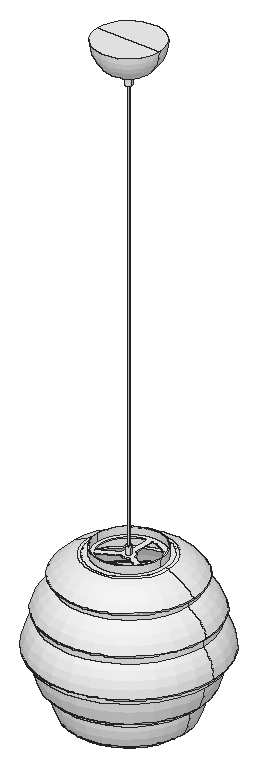
Revit family "Artek_Lighting_Pendant Light A331 “Beehive“_A331 Beehive_quick_ship", category Lighting Fixtures, Revit 2018 (continued)
Definition of nested family "A331"
  Lines and regions (mm)
    symbolic lines, detail levels fine
      curve 740: spline (0, -78.224, 109.043) -> (0, -77.899, 109.247) -> (0, -77.596, 109.845) -> (0, -77.336, 110.797) -> (0, -77.137, 112.038) -> (0, -77.011, 113.482) -> (0, -76.968, 115.033) -> (0, -77.011, 116.583) -> (0, -77.137, 118.028) -> (0, -77.336, 119.268) -> (0, -77.596, 120.22) -> (0, -77.899, 120.819) -> (0, -78.224, 121.023) -> (0, -78.549, 120.819) -> (0, -78.852, 120.22) -> (0, -79.112, 119.268) -> (0, -79.312, 118.028) -> (0, -79.437, 116.583) -> (0, -79.48, 115.033) -> (0, -79.437, 113.482) -> (0, -79.312, 112.038) -> (0, -79.112, 110.797) -> (0, -78.852, 109.845) -> (0, -78.549, 109.247) -> (0, -78.224, 109.043)
      curve 741: spline (0, -82.236, 109.043) -> (0, -81.911, 109.247) -> (0, -81.608, 109.845) -> (0, -81.348, 110.797) -> (0, -81.148, 112.038) -> (0, -81.023, 113.482) -> (0, -80.98, 115.033) -> (0, -81.023, 116.583) -> (0, -81.148, 118.028) -> (0, -81.348, 119.268) -> (0, -81.608, 120.22) -> (0, -81.911, 120.819) -> (0, -82.236, 121.023) -> (0, -82.561, 120.819) -> (0, -82.863, 120.22) -> (0, -83.123, 119.268) -> (0, -83.323, 118.028) -> (0, -83.448, 116.583) -> (0, -83.491, 115.033) -> (0, -83.448, 113.482) -> (0, -83.323, 112.038) -> (0, -83.123, 110.797) -> (0, -82.863, 109.845) -> (0, -82.561, 109.247) -> (0, -82.236, 109.043)
      curve 742: spline (0, -86.247, 109.043) -> (0, -85.922, 109.247) -> (0, -85.619, 109.845) -> (0, -85.359, 110.797) -> (0, -85.16, 112.038) -> (0, -85.034, 113.482) -> (0, -84.991, 115.033) -> (0, -85.034, 116.583) -> (0, -85.16, 118.028) -> (0, -85.359, 119.268) -> (0, -85.619, 120.22) -> (0, -85.922, 120.819) -> (0, -86.247, 121.023) -> (0, -86.572, 120.819) -> (0, -86.875, 120.22) -> (0, -87.135, 119.268) -> (0, -87.335, 118.028) -> (0, -87.46, 116.583) -> (0, -87.503, 115.033) -> (0, -87.46, 113.482) -> (0, -87.335, 112.038) -> (0, -87.135, 110.797) -> (0, -86.875, 109.845) -> (0, -86.572, 109.247) -> (0, -86.247, 109.043)
      curve 743: spline (0, -90.259, 109.043) -> (0, -89.934, 109.247) -> (0, -89.631, 109.845) -> (0, -89.371, 110.797) -> (0, -89.171, 112.038) -> (0, -89.046, 113.482) -> (0, -89.003, 115.033) -> (0, -89.046, 116.583) -> (0, -89.171, 118.028) -> (0, -89.371, 119.268) -> (0, -89.631, 120.22) -> (0, -89.934, 120.819) -> (0, -90.259, 121.023) -> (0, -90.584, 120.819) -> (0, -90.886, 120.22) -> (0, -91.146, 119.268) -> (0, -91.346, 118.028) -> (0, -91.471, 116.583) -> (0, -91.514, 115.033) -> (0, -91.471, 113.482) -> (0, -91.346, 112.038) -> (0, -91.146, 110.797) -> (0, -90.886, 109.845) -> (0, -90.584, 109.247) -> (0, -90.259, 109.043)
      curve 744: spline (0, -94.27, 109.043) -> (0, -93.945, 109.247) -> (0, -93.642, 109.845) -> (0, -93.382, 110.797) -> (0, -93.183, 112.038) -> (0, -93.057, 113.482) -> (0, -93.014, 115.033) -> (0, -93.057, 116.583) -> (0, -93.183, 118.028) -> (0, -93.382, 119.268) -> (0, -93.642, 120.22) -> (0, -93.945, 120.819) -> (0, -94.27, 121.023) -> (0, -94.595, 120.819) -> (0, -94.898, 120.22) -> (0, -95.158, 119.268) -> (0, -95.358, 118.028) -> (0, -95.483, 116.583) -> (0, -95.526, 115.033) -> (0, -95.483, 113.482) -> (0, -95.358, 112.038) -> (0, -95.158, 110.797) -> (0, -94.898, 109.845) -> (0, -94.595, 109.247) -> (0, -94.27, 109.043)
      curve 745: spline (0, -98.281, 109.043) -> (0, -97.956, 109.247) -> (0, -97.654, 109.845) -> (0, -97.394, 110.797) -> (0, -97.194, 112.038) -> (0, -97.069, 113.482) -> (0, -97.026, 115.033) -> (0, -97.069, 116.583) -> (0, -97.194, 118.028) -> (0, -97.394, 119.268) -> (0, -97.654, 120.22) -> (0, -97.956, 120.819) -> (0, -98.281, 121.023) -> (0, -98.607, 120.819) -> (0, -98.909, 120.22) -> (0, -99.169, 119.268) -> (0, -99.369, 118.028) -> (0, -99.494, 116.583) -> (0, -99.537, 115.033) -> (0, -99.494, 113.482) -> (0, -99.369, 112.038) -> (0, -99.169, 110.797) -> (0, -98.909, 109.845) -> (0, -98.607, 109.247) -> (0, -98.281, 109.043)
      curve 746: spline (0, -102.293, 109.043) -> (0, -101.968, 109.247) -> (0, -101.665, 109.845) -> (0, -101.405, 110.797) -> (0, -101.205, 112.038) -> (0, -101.08, 113.482) -> (0, -101.037, 115.033) -> (0, -101.08, 116.583) -> (0, -101.205, 118.028) -> (0, -101.405, 119.268) -> (0, -101.665, 120.22) -> (0, -101.968, 120.819) -> (0, -102.293, 121.023) -> (0, -102.618, 120.819) -> (0, -102.921, 120.22) -> (0, -103.181, 119.268) -> (0, -103.38, 118.028) -> (0, -103.506, 116.583) -> (0, -103.549, 115.033) -> (0, -103.506, 113.482) -> (0, -103.38, 112.038) -> (0, -103.181, 110.797) -> (0, -102.921, 109.845) -> (0, -102.618, 109.247) -> (0, -102.293, 109.043)
      curve 747: spline (0, -106.304, 109.043) -> (0, -105.979, 109.247) -> (0, -105.677, 109.845) -> (0, -105.417, 110.797) -> (0, -105.217, 112.038) -> (0, -105.092, 113.482) -> (0, -105.049, 115.033) -> (0, -105.092, 116.583) -> (0, -105.217, 118.028) -> (0, -105.417, 119.268) -> (0, -105.677, 120.22) -> (0, -105.979, 120.819) -> (0, -106.304, 121.023) -> (0, -106.629, 120.819) -> (0, -106.932, 120.22) -> (0, -107.192, 119.268) -> (0, -107.392, 118.028) -> (0, -107.517, 116.583) -> (0, -107.56, 115.033) -> (0, -107.517, 113.482) -> (0, -107.392, 112.038) -> (0, -107.192, 110.797) -> (0, -106.932, 109.845) -> (0, -106.629, 109.247) -> (0, -106.304, 109.043)
      curve 748: spline (0, -110.316, 109.043) -> (0, -109.991, 109.247) -> (0, -109.688, 109.845) -> (0, -109.428, 110.797) -> (0, -109.228, 112.038) -> (0, -109.103, 113.482) -> (0, -109.06, 115.033) -> (0, -109.103, 116.583) -> (0, -109.228, 118.028) -> (0, -109.428, 119.268) -> (0, -109.688, 120.22) -> (0, -109.991, 120.819) -> (0, -110.316, 121.023) -> (0, -110.641, 120.819) -> (0, -110.944, 120.22) -> (0, -111.204, 119.268) -> (0, -111.403, 118.028) -> (0, -111.529, 116.583) -> (0, -111.572, 115.033) -> (0, -111.529, 113.482) -> (0, -111.403, 112.038) -> (0, -111.204, 110.797) -> (0, -110.944, 109.845) -> (0, -110.641, 109.247) -> (0, -110.316, 109.043)
      curve 749: spline (0, -114.327, 109.043) -> (0, -114.002, 109.247) -> (0, -113.7, 109.845) -> (0, -113.44, 110.797) -> (0, -113.24, 112.038) -> (0, -113.115, 113.482) -> (0, -113.072, 115.033) -> (0, -113.115, 116.583) -> (0, -113.24, 118.028) -> (0, -113.44, 119.268) -> (0, -113.7, 120.22) -> (0, -114.002, 120.819) -> (0, -114.327, 121.023) -> (0, -114.652, 120.819) -> (0, -114.955, 120.22) -> (0, -115.215, 119.268) -> (0, -115.415, 118.028) -> (0, -115.54, 116.583) -> (0, -115.583, 115.033) -> (0, -115.54, 113.482) -> (0, -115.415, 112.038) -> (0, -115.215, 110.797) -> (0, -114.955, 109.845) -> (0, -114.652, 109.247) -> (0, -114.327, 109.043)
      curve 750: spline (0, -118.339, 109.043) -> (0, -118.014, 109.247) -> (0, -117.711, 109.845) -> (0, -117.451, 110.797) -> (0, -117.251, 112.038) -> (0, -117.126, 113.482) -> (0, -117.083, 115.033) -> (0, -117.126, 116.583) -> (0, -117.251, 118.028) -> (0, -117.451, 119.268) -> (0, -117.711, 120.22) -> (0, -118.014, 120.819) -> (0, -118.339, 121.023) -> (0, -118.664, 120.819) -> (0, -118.967, 120.22) -> (0, -119.227, 119.268) -> (0, -119.426, 118.028) -> (0, -119.552, 116.583) -> (0, -119.595, 115.033) -> (0, -119.552, 113.482) -> (0, -119.426, 112.038) -> (0, -119.227, 110.797) -> (0, -118.967, 109.845) -> (0, -118.664, 109.247) -> (0, -118.339, 109.043)
      curve 751: spline (0, -122.35, 109.043) -> (0, -122.025, 109.247) -> (0, -121.723, 109.845) -> (0, -121.462, 110.797) -> (0, -121.263, 112.038) -> (0, -121.137, 113.482) -> (0, -121.095, 115.033) -> (0, -121.137, 116.583) -> (0, -121.263, 118.028) -> (0, -121.462, 119.268) -> (0, -121.723, 120.22) -> (0, -122.025, 120.819) -> (0, -122.35, 121.023) -> (0, -122.675, 120.819) -> (0, -122.978, 120.22) -> (0, -123.238, 119.268) -> (0, -123.438, 118.028) -> (0, -123.563, 116.583) -> (0, -123.606, 115.033) -> (0, -123.563, 113.482) -> (0, -123.438, 112.038) -> (0, -123.238, 110.797) -> (0, -122.978, 109.845) -> (0, -122.675, 109.247) -> (0, -122.35, 109.043)
      curve 752: spline (0, -126.362, 109.043) -> (0, -126.037, 109.247) -> (0, -125.734, 109.845) -> (0, -125.474, 110.797) -> (0, -125.274, 112.038) -> (0, -125.149, 113.482) -> (0, -125.106, 115.033) -> (0, -125.149, 116.583) -> (0, -125.274, 118.028) -> (0, -125.474, 119.268) -> (0, -125.734, 120.22) -> (0, -126.037, 120.819) -> (0, -126.362, 121.023) -> (0, -126.687, 120.819) -> (0, -126.99, 120.22) -> (0, -127.25, 119.268) -> (0, -127.449, 118.028) -> (0, -127.575, 116.583) -> (0, -127.618, 115.033) -> (0, -127.575, 113.482) -> (0, -127.449, 112.038) -> (0, -127.25, 110.797) -> (0, -126.99, 109.845) -> (0, -126.687, 109.247) -> (0, -126.362, 109.043)
      curve 753: spline (0, -130.373, 109.043) -> (0, -130.048, 109.247) -> (0, -129.746, 109.845) -> (0, -129.485, 110.797) -> (0, -129.286, 112.038) -> (0, -129.16, 113.482) -> (0, -129.118, 115.033) -> (0, -129.16, 116.583) -> (0, -129.286, 118.028) -> (0, -129.485, 119.268) -> (0, -129.746, 120.22) -> (0, -130.048, 120.819) -> (0, -130.373, 121.023) -> (0, -130.698, 120.819) -> (0, -131.001, 120.22) -> (0, -131.261, 119.268) -> (0, -131.461, 118.028) -> (0, -131.586, 116.583) -> (0, -131.629, 115.033) -> (0, -131.586, 113.482) -> (0, -131.461, 112.038) -> (0, -131.261, 110.797) -> (0, -131.001, 109.845) -> (0, -130.698, 109.247) -> (0, -130.373, 109.043)
      curve 754: spline (0, -134.385, 109.043) -> (0, -134.06, 109.247) -> (0, -133.757, 109.845) -> (0, -133.497, 110.797) -> (0, -133.297, 112.038) -> (0, -133.172, 113.482) -> (0, -133.129, 115.033) -> (0, -133.172, 116.583) -> (0, -133.297, 118.028) -> (0, -133.497, 119.268) -> (0, -133.757, 120.22) -> (0, -134.06, 120.819) -> (0, -134.385, 121.023) -> (0, -134.71, 120.819) -> (0, -135.013, 120.22) -> (0, -135.273, 119.268) -> (0, -135.472, 118.028) -> (0, -135.598, 116.583) -> (0, -135.641, 115.033) -> (0, -135.598, 113.482) -> (0, -135.472, 112.038) -> (0, -135.273, 110.797) -> (0, -135.013, 109.845) -> (0, -134.71, 109.247) -> (0, -134.385, 109.043)
      curve 755: spline (0, -138.396, 109.043) -> (0, -138.071, 109.247) -> (0, -137.769, 109.845) -> (0, -137.508, 110.797) -> (0, -137.309, 112.038) -> (0, -137.183, 113.482) -> (0, -137.141, 115.033) -> (0, -137.183, 116.583) -> (0, -137.309, 118.028) -> (0, -137.508, 119.268) -> (0, -137.769, 120.22) -> (0, -138.071, 120.819) -> (0, -138.396, 121.023) -> (0, -138.721, 120.819) -> (0, -139.024, 120.22) -> (0, -139.284, 119.268) -> (0, -139.484, 118.028) -> (0, -139.609, 116.583) -> (0, -139.652, 115.033) -> (0, -139.609, 113.482) -> (0, -139.484, 112.038) -> (0, -139.284, 110.797) -> (0, -139.024, 109.845) -> (0, -138.721, 109.247) -> (0, -138.396, 109.043)
      curve 756: spline (0, -142.408, 109.043) -> (0, -142.083, 109.247) -> (0, -141.78, 109.845) -> (0, -141.52, 110.797) -> (0, -141.32, 112.038) -> (0, -141.195, 113.482) -> (0, -141.152, 115.033) -> (0, -141.195, 116.583) -> (0, -141.32, 118.028) -> (0, -141.52, 119.268) -> (0, -141.78, 120.22) -> (0, -142.083, 120.819) -> (0, -142.408, 121.023) -> (0, -142.733, 120.819) -> (0, -143.036, 120.22) -> (0, -143.296, 119.268) -> (0, -143.495, 118.028) -> (0, -143.621, 116.583) -> (0, -143.664, 115.033) -> (0, -143.621, 113.482) -> (0, -143.495, 112.038) -> (0, -143.296, 110.797) -> (0, -143.036, 109.845) -> (0, -142.733, 109.247) -> (0, -142.408, 109.043)
      curve 757: spline (0, -146.419, 109.043) -> (0, -146.094, 109.247) -> (0, -145.792, 109.845) -> (0, -145.531, 110.797) -> (0, -145.332, 112.038) -> (0, -145.206, 113.482) -> (0, -145.164, 115.033) -> (0, -145.206, 116.583) -> (0, -145.332, 118.028) -> (0, -145.531, 119.268) -> (0, -145.792, 120.22) -> (0, -146.094, 120.819) -> (0, -146.419, 121.023) -> (0, -146.744, 120.819) -> (0, -147.047, 120.22) -> (0, -147.307, 119.268) -> (0, -147.507, 118.028) -> (0, -147.632, 116.583) -> (0, -147.675, 115.033) -> (0, -147.632, 113.482) -> (0, -147.507, 112.038) -> (0, -147.307, 110.797) -> (0, -147.047, 109.845) -> (0, -146.744, 109.247) -> (0, -146.419, 109.043)
      curve 758: spline (0, -150.431, 109.043) -> (0, -150.106, 109.247) -> (0, -149.803, 109.845) -> (0, -149.543, 110.797) -> (0, -149.343, 112.038) -> (0, -149.218, 113.482) -> (0, -149.175, 115.033) -> (0, -149.218, 116.583) -> (0, -149.343, 118.028) -> (0, -149.543, 119.268) -> (0, -149.803, 120.22) -> (0, -150.106, 120.819) -> (0, -150.431, 121.023) -> (0, -150.756, 120.819) -> (0, -151.059, 120.22) -> (0, -151.319, 119.268) -> (0, -151.518, 118.028) -> (0, -151.644, 116.583) -> (0, -151.687, 115.033) -> (0, -151.644, 113.482) -> (0, -151.518, 112.038) -> (0, -151.319, 110.797) -> (0, -151.059, 109.845) -> (0, -150.756, 109.247) -> (0, -150.431, 109.043)
      curve 759: spline (0, 2.006, 51.084) -> (0, 1.681, 51.288) -> (0, 1.378, 51.887) -> (0, 1.118, 52.839) -> (0, 0.918, 54.079) -> (0, 0.793, 55.524) -> (0, 0.75, 57.074) -> (0, 0.793, 58.625) -> (0, 0.918, 60.069) -> (0, 1.118, 61.31) -> (0, 1.378, 62.262) -> (0, 1.681, 62.86) -> (0, 2.006, 63.064) -> (0, 2.331, 62.86) -> (0, 2.634, 62.262) -> (0, 2.894, 61.31) -> (0, 3.093, 60.069) -> (0, 3.219, 58.625) -> (0, 3.261, 57.074) -> (0, 3.219, 55.524) -> (0, 3.093, 54.079) -> (0, 2.894, 52.839) -> (0, 2.634, 51.887) -> (0, 2.331, 51.288) -> (0, 2.006, 51.084)
      curve 760: spline (0, 6.017, 51.084) -> (0, 5.692, 51.288) -> (0, 5.389, 51.887) -> (0, 5.129, 52.839) -> (0, 4.93, 54.079) -> (0, 4.804, 55.524) -> (0, 4.761, 57.074) -> (0, 4.804, 58.625) -> (0, 4.93, 60.069) -> (0, 5.129, 61.31) -> (0, 5.389, 62.262) -> (0, 5.692, 62.86) -> (0, 6.017, 63.064) -> (0, 6.342, 62.86) -> (0, 6.645, 62.262) -> (0, 6.905, 61.31) -> (0, 7.105, 60.069) -> (0, 7.23, 58.625) -> (0, 7.273, 57.074) -> (0, 7.23, 55.524) -> (0, 7.105, 54.079) -> (0, 6.905, 52.839) -> (0, 6.645, 51.887) -> (0, 6.342, 51.288) -> (0, 6.017, 51.084)
      curve 761: spline (0, 10.029, 51.084) -> (0, 9.704, 51.288) -> (0, 9.401, 51.887) -> (0, 9.141, 52.839) -> (0, 8.941, 54.079) -> (0, 8.816, 55.524) -> (0, 8.773, 57.074) -> (0, 8.816, 58.625) -> (0, 8.941, 60.069) -> (0, 9.141, 61.31) -> (0, 9.401, 62.262) -> (0, 9.704, 62.86) -> (0, 10.029, 63.064) -> (0, 10.354, 62.86) -> (0, 10.657, 62.262) -> (0, 10.917, 61.31) -> (0, 11.116, 60.069) -> (0, 11.242, 58.625) -> (0, 11.284, 57.074) -> (0, 11.242, 55.524) -> (0, 11.116, 54.079) -> (0, 10.917, 52.839) -> (0, 10.657, 51.887) -> (0, 10.354, 51.288) -> (0, 10.029, 51.084)
      curve 762: spline (0, 14.04, 51.084) -> (0, 13.715, 51.288) -> (0, 13.412, 51.887) -> (0, 13.152, 52.839) -> (0, 12.953, 54.079) -> (0, 12.827, 55.524) -> (0, 12.784, 57.074) -> (0, 12.827, 58.625) -> (0, 12.953, 60.069) -> (0, 13.152, 61.31) -> (0, 13.412, 62.262) -> (0, 13.715, 62.86) -> (0, 14.04, 63.064) -> (0, 14.365, 62.86) -> (0, 14.668, 62.262) -> (0, 14.928, 61.31) -> (0, 15.128, 60.069) -> (0, 15.253, 58.625) -> (0, 15.296, 57.074) -> (0, 15.253, 55.524) -> (0, 15.128, 54.079) -> (0, 14.928, 52.839) -> (0, 14.668, 51.887) -> (0, 14.365, 51.288) -> (0, 14.04, 51.084)
      curve 763: spline (0, 18.052, 51.084) -> (0, 17.727, 51.288) -> (0, 17.424, 51.887) -> (0, 17.164, 52.839) -> (0, 16.964, 54.079) -> (0, 16.839, 55.524) -> (0, 16.796, 57.074) -> (0, 16.839, 58.625) -> (0, 16.964, 60.069) -> (0, 17.164, 61.31) -> (0, 17.424, 62.262) -> (0, 17.727, 62.86) -> (0, 18.052, 63.064) -> (0, 18.377, 62.86) -> (0, 18.68, 62.262) -> (0, 18.94, 61.31) -> (0, 19.139, 60.069) -> (0, 19.265, 58.625) -> (0, 19.307, 57.074) -> (0, 19.265, 55.524) -> (0, 19.139, 54.079) -> (0, 18.94, 52.839) -> (0, 18.68, 51.887) -> (0, 18.377, 51.288) -> (0, 18.052, 51.084)
      curve 764: spline (0, 22.063, 51.084) -> (0, 21.738, 51.288) -> (0, 21.435, 51.887) -> (0, 21.175, 52.839) -> (0, 20.976, 54.079) -> (0, 20.85, 55.524) -> (0, 20.807, 57.074) -> (0, 20.85, 58.625) -> (0, 20.976, 60.069) -> (0, 21.175, 61.31) -> (0, 21.435, 62.262) -> (0, 21.738, 62.86) -> (0, 22.063, 63.064) -> (0, 22.388, 62.86) -> (0, 22.691, 62.262) -> (0, 22.951, 61.31) -> (0, 23.151, 60.069) -> (0, 23.276, 58.625) -> (0, 23.319, 57.074) -> (0, 23.276, 55.524) -> (0, 23.151, 54.079) -> (0, 22.951, 52.839) -> (0, 22.691, 51.887) -> (0, 22.388, 51.288) -> (0, 22.063, 51.084)
      curve 765: spline (0, 26.075, 51.084) -> (0, 25.75, 51.288) -> (0, 25.447, 51.887) -> (0, 25.187, 52.839) -> (0, 24.987, 54.079) -> (0, 24.862, 55.524) -> (0, 24.819, 57.074) -> (0, 24.862, 58.625) -> (0, 24.987, 60.069) -> (0, 25.187, 61.31) -> (0, 25.447, 62.262) -> (0, 25.75, 62.86) -> (0, 26.075, 63.064) -> (0, 26.4, 62.86) -> (0, 26.703, 62.262) -> (0, 26.963, 61.31) -> (0, 27.162, 60.069) -> (0, 27.288, 58.625) -> (0, 27.33, 57.074) -> (0, 27.288, 55.524) -> (0, 27.162, 54.079) -> (0, 26.963, 52.839) -> (0, 26.703, 51.887) -> (0, 26.4, 51.288) -> (0, 26.075, 51.084)
      curve 766: spline (0, 30.086, 51.084) -> (0, 29.761, 51.288) -> (0, 29.458, 51.887) -> (0, 29.198, 52.839) -> (0, 28.999, 54.079) -> (0, 28.873, 55.524) -> (0, 28.83, 57.074) -> (0, 28.873, 58.625) -> (0, 28.999, 60.069) -> (0, 29.198, 61.31) -> (0, 29.458, 62.262) -> (0, 29.761, 62.86) -> (0, 30.086, 63.064) -> (0, 30.411, 62.86) -> (0, 30.714, 62.262) -> (0, 30.974, 61.31) -> (0, 31.174, 60.069) -> (0, 31.299, 58.625) -> (0, 31.342, 57.074) -> (0, 31.299, 55.524) -> (0, 31.174, 54.079) -> (0, 30.974, 52.839) -> (0, 30.714, 51.887) -> (0, 30.411, 51.288) -> (0, 30.086, 51.084)
      curve 767: spline (0, 34.098, 51.084) -> (0, 33.773, 51.288) -> (0, 33.47, 51.887) -> (0, 33.21, 52.839) -> (0, 33.01, 54.079) -> (0, 32.885, 55.524) -> (0, 32.842, 57.074) -> (0, 32.885, 58.625) -> (0, 33.01, 60.069) -> (0, 33.21, 61.31) -> (0, 33.47, 62.262) -> (0, 33.773, 62.86) -> (0, 34.098, 63.064) -> (0, 34.423, 62.86) -> (0, 34.726, 62.262) -> (0, 34.986, 61.31) -> (0, 35.185, 60.069) -> (0, 35.311, 58.625) -> (0, 35.353, 57.074) -> (0, 35.311, 55.524) -> (0, 35.185, 54.079) -> (0, 34.986, 52.839) -> (0, 34.726, 51.887) -> (0, 34.423, 51.288) -> (0, 34.098, 51.084)
      curve 768: spline (0, 38.109, 51.084) -> (0, 37.784, 51.288) -> (0, 37.481, 51.887) -> (0, 37.221, 52.839) -> (0, 37.022, 54.079) -> (0, 36.896, 55.524) -> (0, 36.853, 57.074) -> (0, 36.896, 58.625) -> (0, 37.022, 60.069) -> (0, 37.221, 61.31) -> (0, 37.481, 62.262) -> (0, 37.784, 62.86) -> (0, 38.109, 63.064) -> (0, 38.434, 62.86) -> (0, 38.737, 62.262) -> (0, 38.997, 61.31) -> (0, 39.197, 60.069) -> (0, 39.322, 58.625) -> (0, 39.365, 57.074) -> (0, 39.322, 55.524) -> (0, 39.197, 54.079) -> (0, 38.997, 52.839) -> (0, 38.737, 51.887) -> (0, 38.434, 51.288) -> (0, 38.109, 51.084)
      curve 769: spline (0, 42.121, 51.084) -> (0, 41.796, 51.288) -> (0, 41.493, 51.887) -> (0, 41.233, 52.839) -> (0, 41.033, 54.079) -> (0, 40.908, 55.524) -> (0, 40.865, 57.074) -> (0, 40.908, 58.625) -> (0, 41.033, 60.069) -> (0, 41.233, 61.31) -> (0, 41.493, 62.262) -> (0, 41.796, 62.86) -> (0, 42.121, 63.064) -> (0, 42.446, 62.86) -> (0, 42.749, 62.262) -> (0, 43.009, 61.31) -> (0, 43.208, 60.069) -> (0, 43.334, 58.625) -> (0, 43.376, 57.074) -> (0, 43.334, 55.524) -> (0, 43.208, 54.079) -> (0, 43.009, 52.839) -> (0, 42.749, 51.887) -> (0, 42.446, 51.288) -> (0, 42.121, 51.084)
      curve 770: spline (0, 46.132, 51.084) -> (0, 45.807, 51.288) -> (0, 45.504, 51.887) -> (0, 45.244, 52.839) -> (0, 45.045, 54.079) -> (0, 44.919, 55.524) -> (0, 44.876, 57.074) -> (0, 44.919, 58.625) -> (0, 45.045, 60.069) -> (0, 45.244, 61.31) -> (0, 45.504, 62.262) -> (0, 45.807, 62.86) -> (0, 46.132, 63.064) -> (0, 46.457, 62.86) -> (0, 46.76, 62.262) -> (0, 47.02, 61.31) -> (0, 47.22, 60.069) -> (0, 47.345, 58.625) -> (0, 47.388, 57.074) -> (0, 47.345, 55.524) -> (0, 47.22, 54.079) -> (0, 47.02, 52.839) -> (0, 46.76, 51.887) -> (0, 46.457, 51.288) -> (0, 46.132, 51.084)
      curve 771: spline (0, 50.144, 51.084) -> (0, 49.819, 51.288) -> (0, 49.516, 51.887) -> (0, 49.256, 52.839) -> (0, 49.056, 54.079) -> (0, 48.931, 55.524) -> (0, 48.888, 57.074) -> (0, 48.931, 58.625) -> (0, 49.056, 60.069) -> (0, 49.256, 61.31) -> (0, 49.516, 62.262) -> (0, 49.819, 62.86) -> (0, 50.144, 63.064) -> (0, 50.469, 62.86) -> (0, 50.771, 62.262) -> (0, 51.032, 61.31) -> (0, 51.231, 60.069) -> (0, 51.357, 58.625) -> (0, 51.399, 57.074) -> (0, 51.357, 55.524) -> (0, 51.231, 54.079) -> (0, 51.032, 52.839) -> (0, 50.771, 51.887) -> (0, 50.469, 51.288) -> (0, 50.144, 51.084)
      curve 772: spline (0, 54.155, 51.084) -> (0, 53.83, 51.288) -> (0, 53.527, 51.887) -> (0, 53.267, 52.839) -> (0, 53.068, 54.079) -> (0, 52.942, 55.524) -> (0, 52.899, 57.074) -> (0, 52.942, 58.625) -> (0, 53.068, 60.069) -> (0, 53.267, 61.31) -> (0, 53.527, 62.262) -> (0, 53.83, 62.86) -> (0, 54.155, 63.064) -> (0, 54.48, 62.86) -> (0, 54.783, 62.262) -> (0, 55.043, 61.31) -> (0, 55.243, 60.069) -> (0, 55.368, 58.625) -> (0, 55.411, 57.074) -> (0, 55.368, 55.524) -> (0, 55.243, 54.079) -> (0, 55.043, 52.839) -> (0, 54.783, 51.887) -> (0, 54.48, 51.288) -> (0, 54.155, 51.084)
      curve 773: spline (0, 58.167, 51.084) -> (0, 57.842, 51.288) -> (0, 57.539, 51.887) -> (0, 57.279, 52.839) -> (0, 57.079, 54.079) -> (0, 56.954, 55.524) -> (0, 56.911, 57.074) -> (0, 56.954, 58.625) -> (0, 57.079, 60.069) -> (0, 57.279, 61.31) -> (0, 57.539, 62.262) -> (0, 57.842, 62.86) -> (0, 58.167, 63.064) -> (0, 58.492, 62.86) -> (0, 58.794, 62.262) -> (0, 59.055, 61.31) -> (0, 59.254, 60.069) -> (0, 59.38, 58.625) -> (0, 59.422, 57.074) -> (0, 59.38, 55.524) -> (0, 59.254, 54.079) -> (0, 59.055, 52.839) -> (0, 58.794, 51.887) -> (0, 58.492, 51.288) -> (0, 58.167, 51.084)
      curve 774: spline (0, 62.178, 51.084) -> (0, 61.853, 51.288) -> (0, 61.55, 51.887) -> (0, 61.29, 52.839) -> (0, 61.091, 54.079) -> (0, 60.965, 55.524) -> (0, 60.922, 57.074) -> (0, 60.965, 58.625) -> (0, 61.091, 60.069) -> (0, 61.29, 61.31) -> (0, 61.55, 62.262) -> (0, 61.853, 62.86) -> (0, 62.178, 63.064) -> (0, 62.503, 62.86) -> (0, 62.806, 62.262) -> (0, 63.066, 61.31) -> (0, 63.266, 60.069) -> (0, 63.391, 58.625) -> (0, 63.434, 57.074) -> (0, 63.391, 55.524) -> (0, 63.266, 54.079) -> (0, 63.066, 52.839) -> (0, 62.806, 51.887) -> (0, 62.503, 51.288) -> (0, 62.178, 51.084)
      curve 775: spline (0, 66.19, 51.084) -> (0, 65.865, 51.288) -> (0, 65.562, 51.887) -> (0, 65.302, 52.839) -> (0, 65.102, 54.079) -> (0, 64.977, 55.524) -> (0, 64.934, 57.074) -> (0, 64.977, 58.625) -> (0, 65.102, 60.069) -> (0, 65.302, 61.31) -> (0, 65.562, 62.262) -> (0, 65.865, 62.86) -> (0, 66.19, 63.064) -> (0, 66.515, 62.86) -> (0, 66.817, 62.262) -> (0, 67.078, 61.31) -> (0, 67.277, 60.069) -> (0, 67.403, 58.625) -> (0, 67.445, 57.074) -> (0, 67.403, 55.524) -> (0, 67.277, 54.079) -> (0, 67.078, 52.839) -> (0, 66.817, 51.887) -> (0, 66.515, 51.288) -> (0, 66.19, 51.084)
      curve 776: spline (0, 70.201, 51.084) -> (0, 69.876, 51.288) -> (0, 69.573, 51.887) -> (0, 69.313, 52.839) -> (0, 69.114, 54.079) -> (0, 68.988, 55.524) -> (0, 68.945, 57.074) -> (0, 68.988, 58.625) -> (0, 69.114, 60.069) -> (0, 69.313, 61.31) -> (0, 69.573, 62.262) -> (0, 69.876, 62.86) -> (0, 70.201, 63.064) -> (0, 70.526, 62.86) -> (0, 70.829, 62.262) -> (0, 71.089, 61.31) -> (0, 71.289, 60.069) -> (0, 71.414, 58.625) -> (0, 71.457, 57.074) -> (0, 71.414, 55.524) -> (0, 71.289, 54.079) -> (0, 71.089, 52.839) -> (0, 70.829, 51.887) -> (0, 70.526, 51.288) -> (0, 70.201, 51.084)
      curve 777: spline (0, 74.213, 51.084) -> (0, 73.888, 51.288) -> (0, 73.585, 51.887) -> (0, 73.325, 52.839) -> (0, 73.125, 54.079) -> (0, 73, 55.524) -> (0, 72.957, 57.074) -> (0, 73, 58.625) -> (0, 73.125, 60.069) -> (0, 73.325, 61.31) -> (0, 73.585, 62.262) -> (0, 73.888, 62.86) -> (0, 74.213, 63.064) -> (0, 74.538, 62.86) -> (0, 74.84, 62.262) -> (0, 75.101, 61.31) -> (0, 75.3, 60.069) -> (0, 75.426, 58.625) -> (0, 75.468, 57.074) -> (0, 75.426, 55.524) -> (0, 75.3, 54.079) -> (0, 75.101, 52.839) -> (0, 74.84, 51.887) -> (0, 74.538, 51.288) -> (0, 74.213, 51.084)
      curve 778: spline (0, 78.224, 51.084) -> (0, 77.899, 51.288) -> (0, 77.596, 51.887) -> (0, 77.336, 52.839) -> (0, 77.137, 54.079) -> (0, 77.011, 55.524) -> (0, 76.968, 57.074) -> (0, 77.011, 58.625) -> (0, 77.137, 60.069) -> (0, 77.336, 61.31) -> (0, 77.596, 62.262) -> (0, 77.899, 62.86) -> (0, 78.224, 63.064) -> (0, 78.549, 62.86) -> (0, 78.852, 62.262) -> (0, 79.112, 61.31) -> (0, 79.312, 60.069) -> (0, 79.437, 58.625) -> (0, 79.48, 57.074) -> (0, 79.437, 55.524) -> (0, 79.312, 54.079) -> (0, 79.112, 52.839) -> (0, 78.852, 51.887) -> (0, 78.549, 51.288) -> (0, 78.224, 51.084)
      curve 779: spline (0, 82.236, 51.084) -> (0, 81.911, 51.288) -> (0, 81.608, 51.887) -> (0, 81.348, 52.839) -> (0, 81.148, 54.079) -> (0, 81.023, 55.524) -> (0, 80.98, 57.074) -> (0, 81.023, 58.625) -> (0, 81.148, 60.069) -> (0, 81.348, 61.31) -> (0, 81.608, 62.262) -> (0, 81.911, 62.86) -> (0, 82.236, 63.064) -> (0, 82.561, 62.86) -> (0, 82.863, 62.262) -> (0, 83.123, 61.31) -> (0, 83.323, 60.069) -> (0, 83.448, 58.625) -> (0, 83.491, 57.074) -> (0, 83.448, 55.524) -> (0, 83.323, 54.079) -> (0, 83.123, 52.839) -> (0, 82.863, 51.887) -> (0, 82.561, 51.288) -> (0, 82.236, 51.084)
      curve 780: spline (0, 86.247, 51.084) -> (0, 85.922, 51.288) -> (0, 85.619, 51.887) -> (0, 85.359, 52.839) -> (0, 85.16, 54.079) -> (0, 85.034, 55.524) -> (0, 84.991, 57.074) -> (0, 85.034, 58.625) -> (0, 85.16, 60.069) -> (0, 85.359, 61.31) -> (0, 85.619, 62.262) -> (0, 85.922, 62.86) -> (0, 86.247, 63.064) -> (0, 86.572, 62.86) -> (0, 86.875, 62.262) -> (0, 87.135, 61.31) -> (0, 87.335, 60.069) -> (0, 87.46, 58.625) -> (0, 87.503, 57.074) -> (0, 87.46, 55.524) -> (0, 87.335, 54.079) -> (0, 87.135, 52.839) -> (0, 86.875, 51.887) -> (0, 86.572, 51.288) -> (0, 86.247, 51.084)
      curve 781: spline (0, 90.259, 51.084) -> (0, 89.934, 51.288) -> (0, 89.631, 51.887) -> (0, 89.371, 52.839) -> (0, 89.171, 54.079) -> (0, 89.046, 55.524) -> (0, 89.003, 57.074) -> (0, 89.046, 58.625) -> (0, 89.171, 60.069) -> (0, 89.371, 61.31) -> (0, 89.631, 62.262) -> (0, 89.934, 62.86) -> (0, 90.259, 63.064) -> (0, 90.584, 62.86) -> (0, 90.886, 62.262) -> (0, 91.146, 61.31) -> (0, 91.346, 60.069) -> (0, 91.471, 58.625) -> (0, 91.514, 57.074) -> (0, 91.471, 55.524) -> (0, 91.346, 54.079) -> (0, 91.146, 52.839) -> (0, 90.886, 51.887) -> (0, 90.584, 51.288) -> (0, 90.259, 51.084)
      curve 782: spline (0, 94.27, 51.084) -> (0, 93.945, 51.288) -> (0, 93.642, 51.887) -> (0, 93.382, 52.839) -> (0, 93.183, 54.079) -> (0, 93.057, 55.524) -> (0, 93.014, 57.074) -> (0, 93.057, 58.625) -> (0, 93.183, 60.069) -> (0, 93.382, 61.31) -> (0, 93.642, 62.262) -> (0, 93.945, 62.86) -> (0, 94.27, 63.064) -> (0, 94.595, 62.86) -> (0, 94.898, 62.262) -> (0, 95.158, 61.31) -> (0, 95.358, 60.069) -> (0, 95.483, 58.625) -> (0, 95.526, 57.074) -> (0, 95.483, 55.524) -> (0, 95.358, 54.079) -> (0, 95.158, 52.839) -> (0, 94.898, 51.887) -> (0, 94.595, 51.288) -> (0, 94.27, 51.084)
      curve 783: spline (0, 98.281, 51.084) -> (0, 97.956, 51.288) -> (0, 97.654, 51.887) -> (0, 97.394, 52.839) -> (0, 97.194, 54.079) -> (0, 97.069, 55.524) -> (0, 97.026, 57.074) -> (0, 97.069, 58.625) -> (0, 97.194, 60.069) -> (0, 97.394, 61.31) -> (0, 97.654, 62.262) -> (0, 97.956, 62.86) -> (0, 98.281, 63.064) -> (0, 98.607, 62.86) -> (0, 98.909, 62.262) -> (0, 99.169, 61.31) -> (0, 99.369, 60.069) -> (0, 99.494, 58.625) -> (0, 99.537, 57.074) -> (0, 99.494, 55.524) -> (0, 99.369, 54.079) -> (0, 99.169, 52.839) -> (0, 98.909, 51.887) -> (0, 98.607, 51.288) -> (0, 98.281, 51.084)
      curve 784: spline (0, 102.293, 51.084) -> (0, 101.968, 51.288) -> (0, 101.665, 51.887) -> (0, 101.405, 52.839) -> (0, 101.205, 54.079) -> (0, 101.08, 55.524) -> (0, 101.037, 57.074) -> (0, 101.08, 58.625) -> (0, 101.205, 60.069) -> (0, 101.405, 61.31) -> (0, 101.665, 62.262) -> (0, 101.968, 62.86) -> (0, 102.293, 63.064) -> (0, 102.618, 62.86) -> (0, 102.921, 62.262) -> (0, 103.181, 61.31) -> (0, 103.38, 60.069) -> (0, 103.506, 58.625) -> (0, 103.549, 57.074) -> (0, 103.506, 55.524) -> (0, 103.38, 54.079) -> (0, 103.181, 52.839) -> (0, 102.921, 51.887) -> (0, 102.618, 51.288) -> (0, 102.293, 51.084)
      curve 785: spline (0, 106.304, 51.084) -> (0, 105.979, 51.288) -> (0, 105.677, 51.887) -> (0, 105.417, 52.839) -> (0, 105.217, 54.079) -> (0, 105.092, 55.524) -> (0, 105.049, 57.074) -> (0, 105.092, 58.625) -> (0, 105.217, 60.069) -> (0, 105.417, 61.31) -> (0, 105.677, 62.262) -> (0, 105.979, 62.86) -> (0, 106.304, 63.064) -> (0, 106.629, 62.86) -> (0, 106.932, 62.262) -> (0, 107.192, 61.31) -> (0, 107.392, 60.069) -> (0, 107.517, 58.625) -> (0, 107.56, 57.074) -> (0, 107.517, 55.524) -> (0, 107.392, 54.079) -> (0, 107.192, 52.839) -> (0, 106.932, 51.887) -> (0, 106.629, 51.288) -> (0, 106.304, 51.084)
      curve 786: spline (0, 110.316, 51.084) -> (0, 109.991, 51.288) -> (0, 109.688, 51.887) -> (0, 109.428, 52.839) -> (0, 109.228, 54.079) -> (0, 109.103, 55.524) -> (0, 109.06, 57.074) -> (0, 109.103, 58.625) -> (0, 109.228, 60.069) -> (0, 109.428, 61.31) -> (0, 109.688, 62.262) -> (0, 109.991, 62.86) -> (0, 110.316, 63.064) -> (0, 110.641, 62.86) -> (0, 110.944, 62.262) -> (0, 111.204, 61.31) -> (0, 111.403, 60.069) -> (0, 111.529, 58.625) -> (0, 111.572, 57.074) -> (0, 111.529, 55.524) -> (0, 111.403, 54.079) -> (0, 111.204, 52.839) -> (0, 110.944, 51.887) -> (0, 110.641, 51.288) -> (0, 110.316, 51.084)
      curve 787: spline (0, 114.327, 51.084) -> (0, 114.002, 51.288) -> (0, 113.7, 51.887) -> (0, 113.44, 52.839) -> (0, 113.24, 54.079) -> (0, 113.115, 55.524) -> (0, 113.072, 57.074) -> (0, 113.115, 58.625) -> (0, 113.24, 60.069) -> (0, 113.44, 61.31) -> (0, 113.7, 62.262) -> (0, 114.002, 62.86) -> (0, 114.327, 63.064) -> (0, 114.652, 62.86) -> (0, 114.955, 62.262) -> (0, 115.215, 61.31) -> (0, 115.415, 60.069) -> (0, 115.54, 58.625) -> (0, 115.583, 57.074) -> (0, 115.54, 55.524) -> (0, 115.415, 54.079) -> (0, 115.215, 52.839) -> (0, 114.955, 51.887) -> (0, 114.652, 51.288) -> (0, 114.327, 51.084)
      curve 788: spline (0, 118.339, 51.084) -> (0, 118.014, 51.288) -> (0, 117.711, 51.887) -> (0, 117.451, 52.839) -> (0, 117.251, 54.079) -> (0, 117.126, 55.524) -> (0, 117.083, 57.074) -> (0, 117.126, 58.625) -> (0, 117.251, 60.069) -> (0, 117.451, 61.31) -> (0, 117.711, 62.262) -> (0, 118.014, 62.86) -> (0, 118.339, 63.064) -> (0, 118.664, 62.86) -> (0, 118.967, 62.262) -> (0, 119.227, 61.31) -> (0, 119.426, 60.069) -> (0, 119.552, 58.625) -> (0, 119.595, 57.074) -> (0, 119.552, 55.524) -> (0, 119.426, 54.079) -> (0, 119.227, 52.839) -> (0, 118.967, 51.887) -> (0, 118.664, 51.288) -> (0, 118.339, 51.084)
      curve 789: spline (0, 122.35, 51.084) -> (0, 122.025, 51.288) -> (0, 121.723, 51.887) -> (0, 121.462, 52.839) -> (0, 121.263, 54.079) -> (0, 121.137, 55.524) -> (0, 121.095, 57.074) -> (0, 121.137, 58.625) -> (0, 121.263, 60.069) -> (0, 121.462, 61.31) -> (0, 121.723, 62.262) -> (0, 122.025, 62.86) -> (0, 122.35, 63.064) -> (0, 122.675, 62.86) -> (0, 122.978, 62.262) -> (0, 123.238, 61.31) -> (0, 123.438, 60.069) -> (0, 123.563, 58.625) -> (0, 123.606, 57.074) -> (0, 123.563, 55.524) -> (0, 123.438, 54.079) -> (0, 123.238, 52.839) -> (0, 122.978, 51.887) -> (0, 122.675, 51.288) -> (0, 122.35, 51.084)
      curve 790: spline (0, -2.006, 51.084) -> (0, -1.681, 51.288) -> (0, -1.378, 51.887) -> (0, -1.118, 52.839) -> (0, -0.918, 54.079) -> (0, -0.793, 55.524) -> (0, -0.75, 57.074) -> (0, -0.793, 58.625) -> (0, -0.918, 60.069) -> (0, -1.118, 61.31) -> (0, -1.378, 62.262) -> (0, -1.681, 62.86) -> (0, -2.006, 63.064) -> (0, -2.331, 62.86) -> (0, -2.634, 62.262) -> (0, -2.894, 61.31) -> (0, -3.093, 60.069) -> (0, -3.219, 58.625) -> (0, -3.261, 57.074) -> (0, -3.219, 55.524) -> (0, -3.093, 54.079) -> (0, -2.894, 52.839) -> (0, -2.634, 51.887) -> (0, -2.331, 51.288) -> (0, -2.006, 51.084)
      curve 791: spline (0, -6.017, 51.084) -> (0, -5.692, 51.288) -> (0, -5.389, 51.887) -> (0, -5.129, 52.839) -> (0, -4.93, 54.079) -> (0, -4.804, 55.524) -> (0, -4.761, 57.074) -> (0, -4.804, 58.625) -> (0, -4.93, 60.069) -> (0, -5.129, 61.31) -> (0, -5.389, 62.262) -> (0, -5.692, 62.86) -> (0, -6.017, 63.064) -> (0, -6.342, 62.86) -> (0, -6.645, 62.262) -> (0, -6.905, 61.31) -> (0, -7.105, 60.069) -> (0, -7.23, 58.625) -> (0, -7.273, 57.074) -> (0, -7.23, 55.524) -> (0, -7.105, 54.079) -> (0, -6.905, 52.839) -> (0, -6.645, 51.887) -> (0, -6.342, 51.288) -> (0, -6.017, 51.084)
      curve 792: spline (0, -10.029, 51.084) -> (0, -9.704, 51.288) -> (0, -9.401, 51.887) -> (0, -9.141, 52.839) -> (0, -8.941, 54.079) -> (0, -8.816, 55.524) -> (0, -8.773, 57.074) -> (0, -8.816, 58.625) -> (0, -8.941, 60.069) -> (0, -9.141, 61.31) -> (0, -9.401, 62.262) -> (0, -9.704, 62.86) -> (0, -10.029, 63.064) -> (0, -10.354, 62.86) -> (0, -10.657, 62.262) -> (0, -10.917, 61.31) -> (0, -11.116, 60.069) -> (0, -11.242, 58.625) -> (0, -11.284, 57.074) -> (0, -11.242, 55.524) -> (0, -11.116, 54.079) -> (0, -10.917, 52.839) -> (0, -10.657, 51.887) -> (0, -10.354, 51.288) -> (0, -10.029, 51.084)
      curve 793: spline (0, -14.04, 51.084) -> (0, -13.715, 51.288) -> (0, -13.412, 51.887) -> (0, -13.152, 52.839) -> (0, -12.953, 54.079) -> (0, -12.827, 55.524) -> (0, -12.784, 57.074) -> (0, -12.827, 58.625) -> (0, -12.953, 60.069) -> (0, -13.152, 61.31) -> (0, -13.412, 62.262) -> (0, -13.715, 62.86) -> (0, -14.04, 63.064) -> (0, -14.365, 62.86) -> (0, -14.668, 62.262) -> (0, -14.928, 61.31) -> (0, -15.128, 60.069) -> (0, -15.253, 58.625) -> (0, -15.296, 57.074) -> (0, -15.253, 55.524) -> (0, -15.128, 54.079) -> (0, -14.928, 52.839) -> (0, -14.668, 51.887) -> (0, -14.365, 51.288) -> (0, -14.04, 51.084)
      curve 794: spline (0, -18.052, 51.084) -> (0, -17.727, 51.288) -> (0, -17.424, 51.887) -> (0, -17.164, 52.839) -> (0, -16.964, 54.079) -> (0, -16.839, 55.524) -> (0, -16.796, 57.074) -> (0, -16.839, 58.625) -> (0, -16.964, 60.069) -> (0, -17.164, 61.31) -> (0, -17.424, 62.262) -> (0, -17.727, 62.86) -> (0, -18.052, 63.064) -> (0, -18.377, 62.86) -> (0, -18.68, 62.262) -> (0, -18.94, 61.31) -> (0, -19.139, 60.069) -> (0, -19.265, 58.625) -> (0, -19.307, 57.074) -> (0, -19.265, 55.524) -> (0, -19.139, 54.079) -> (0, -18.94, 52.839) -> (0, -18.68, 51.887) -> (0, -18.377, 51.288) -> (0, -18.052, 51.084)
      curve 795: spline (0, -22.063, 51.084) -> (0, -21.738, 51.288) -> (0, -21.435, 51.887) -> (0, -21.175, 52.839) -> (0, -20.976, 54.079) -> (0, -20.85, 55.524) -> (0, -20.807, 57.074) -> (0, -20.85, 58.625) -> (0, -20.976, 60.069) -> (0, -21.175, 61.31) -> (0, -21.435, 62.262) -> (0, -21.738, 62.86) -> (0, -22.063, 63.064) -> (0, -22.388, 62.86) -> (0, -22.691, 62.262) -> (0, -22.951, 61.31) -> (0, -23.151, 60.069) -> (0, -23.276, 58.625) -> (0, -23.319, 57.074) -> (0, -23.276, 55.524) -> (0, -23.151, 54.079) -> (0, -22.951, 52.839) -> (0, -22.691, 51.887) -> (0, -22.388, 51.288) -> (0, -22.063, 51.084)
      curve 796: spline (0, -26.075, 51.084) -> (0, -25.75, 51.288) -> (0, -25.447, 51.887) -> (0, -25.187, 52.839) -> (0, -24.987, 54.079) -> (0, -24.862, 55.524) -> (0, -24.819, 57.074) -> (0, -24.862, 58.625) -> (0, -24.987, 60.069) -> (0, -25.187, 61.31) -> (0, -25.447, 62.262) -> (0, -25.75, 62.86) -> (0, -26.075, 63.064) -> (0, -26.4, 62.86) -> (0, -26.703, 62.262) -> (0, -26.963, 61.31) -> (0, -27.162, 60.069) -> (0, -27.288, 58.625) -> (0, -27.33, 57.074) -> (0, -27.288, 55.524) -> (0, -27.162, 54.079) -> (0, -26.963, 52.839) -> (0, -26.703, 51.887) -> (0, -26.4, 51.288) -> (0, -26.075, 51.084)
      curve 797: spline (0, -30.086, 51.084) -> (0, -29.761, 51.288) -> (0, -29.458, 51.887) -> (0, -29.198, 52.839) -> (0, -28.999, 54.079) -> (0, -28.873, 55.524) -> (0, -28.83, 57.074) -> (0, -28.873, 58.625) -> (0, -28.999, 60.069) -> (0, -29.198, 61.31) -> (0, -29.458, 62.262) -> (0, -29.761, 62.86) -> (0, -30.086, 63.064) -> (0, -30.411, 62.86) -> (0, -30.714, 62.262) -> (0, -30.974, 61.31) -> (0, -31.174, 60.069) -> (0, -31.299, 58.625) -> (0, -31.342, 57.074) -> (0, -31.299, 55.524) -> (0, -31.174, 54.079) -> (0, -30.974, 52.839) -> (0, -30.714, 51.887) -> (0, -30.411, 51.288) -> (0, -30.086, 51.084)
      curve 798: spline (0, -34.098, 51.084) -> (0, -33.773, 51.288) -> (0, -33.47, 51.887) -> (0, -33.21, 52.839) -> (0, -33.01, 54.079) -> (0, -32.885, 55.524) -> (0, -32.842, 57.074) -> (0, -32.885, 58.625) -> (0, -33.01, 60.069) -> (0, -33.21, 61.31) -> (0, -33.47, 62.262) -> (0, -33.773, 62.86) -> (0, -34.098, 63.064) -> (0, -34.423, 62.86) -> (0, -34.726, 62.262) -> (0, -34.986, 61.31) -> (0, -35.185, 60.069) -> (0, -35.311, 58.625) -> (0, -35.353, 57.074) -> (0, -35.311, 55.524) -> (0, -35.185, 54.079) -> (0, -34.986, 52.839) -> (0, -34.726, 51.887) -> (0, -34.423, 51.288) -> (0, -34.098, 51.084)
      curve 799: spline (0, -38.109, 51.084) -> (0, -37.784, 51.288) -> (0, -37.481, 51.887) -> (0, -37.221, 52.839) -> (0, -37.022, 54.079) -> (0, -36.896, 55.524) -> (0, -36.853, 57.074) -> (0, -36.896, 58.625) -> (0, -37.022, 60.069) -> (0, -37.221, 61.31) -> (0, -37.481, 62.262) -> (0, -37.784, 62.86) -> (0, -38.109, 63.064) -> (0, -38.434, 62.86) -> (0, -38.737, 62.262) -> (0, -38.997, 61.31) -> (0, -39.197, 60.069) -> (0, -39.322, 58.625) -> (0, -39.365, 57.074) -> (0, -39.322, 55.524) -> (0, -39.197, 54.079) -> (0, -38.997, 52.839) -> (0, -38.737, 51.887) -> (0, -38.434, 51.288) -> (0, -38.109, 51.084)
      curve 800: spline (0, -42.121, 51.084) -> (0, -41.796, 51.288) -> (0, -41.493, 51.887) -> (0, -41.233, 52.839) -> (0, -41.033, 54.079) -> (0, -40.908, 55.524) -> (0, -40.865, 57.074) -> (0, -40.908, 58.625) -> (0, -41.033, 60.069) -> (0, -41.233, 61.31) -> (0, -41.493, 62.262) -> (0, -41.796, 62.86) -> (0, -42.121, 63.064) -> (0, -42.446, 62.86) -> (0, -42.749, 62.262) -> (0, -43.009, 61.31) -> (0, -43.208, 60.069) -> (0, -43.334, 58.625) -> (0, -43.376, 57.074) -> (0, -43.334, 55.524) -> (0, -43.208, 54.079) -> (0, -43.009, 52.839) -> (0, -42.749, 51.887) -> (0, -42.446, 51.288) -> (0, -42.121, 51.084)
      curve 801: spline (0, -46.132, 51.084) -> (0, -45.807, 51.288) -> (0, -45.504, 51.887) -> (0, -45.244, 52.839) -> (0, -45.045, 54.079) -> (0, -44.919, 55.524) -> (0, -44.876, 57.074) -> (0, -44.919, 58.625) -> (0, -45.045, 60.069) -> (0, -45.244, 61.31) -> (0, -45.504, 62.262) -> (0, -45.807, 62.86) -> (0, -46.132, 63.064) -> (0, -46.457, 62.86) -> (0, -46.76, 62.262) -> (0, -47.02, 61.31) -> (0, -47.22, 60.069) -> (0, -47.345, 58.625) -> (0, -47.388, 57.074) -> (0, -47.345, 55.524) -> (0, -47.22, 54.079) -> (0, -47.02, 52.839) -> (0, -46.76, 51.887) -> (0, -46.457, 51.288) -> (0, -46.132, 51.084)
      curve 802: spline (0, -50.144, 51.084) -> (0, -49.819, 51.288) -> (0, -49.516, 51.887) -> (0, -49.256, 52.839) -> (0, -49.056, 54.079) -> (0, -48.931, 55.524) -> (0, -48.888, 57.074) -> (0, -48.931, 58.625) -> (0, -49.056, 60.069) -> (0, -49.256, 61.31) -> (0, -49.516, 62.262) -> (0, -49.819, 62.86) -> (0, -50.144, 63.064) -> (0, -50.469, 62.86) -> (0, -50.771, 62.262) -> (0, -51.032, 61.31) -> (0, -51.231, 60.069) -> (0, -51.357, 58.625) -> (0, -51.399, 57.074) -> (0, -51.357, 55.524) -> (0, -51.231, 54.079) -> (0, -51.032, 52.839) -> (0, -50.771, 51.887) -> (0, -50.469, 51.288) -> (0, -50.144, 51.084)
      curve 803: spline (0, -54.155, 51.084) -> (0, -53.83, 51.288) -> (0, -53.527, 51.887) -> (0, -53.267, 52.839) -> (0, -53.068, 54.079) -> (0, -52.942, 55.524) -> (0, -52.899, 57.074) -> (0, -52.942, 58.625) -> (0, -53.068, 60.069) -> (0, -53.267, 61.31) -> (0, -53.527, 62.262) -> (0, -53.83, 62.86) -> (0, -54.155, 63.064) -> (0, -54.48, 62.86) -> (0, -54.783, 62.262) -> (0, -55.043, 61.31) -> (0, -55.243, 60.069) -> (0, -55.368, 58.625) -> (0, -55.411, 57.074) -> (0, -55.368, 55.524) -> (0, -55.243, 54.079) -> (0, -55.043, 52.839) -> (0, -54.783, 51.887) -> (0, -54.48, 51.288) -> (0, -54.155, 51.084)
      curve 804: spline (0, -58.167, 51.084) -> (0, -57.842, 51.288) -> (0, -57.539, 51.887) -> (0, -57.279, 52.839) -> (0, -57.079, 54.079) -> (0, -56.954, 55.524) -> (0, -56.911, 57.074) -> (0, -56.954, 58.625) -> (0, -57.079, 60.069) -> (0, -57.279, 61.31) -> (0, -57.539, 62.262) -> (0, -57.842, 62.86) -> (0, -58.167, 63.064) -> (0, -58.492, 62.86) -> (0, -58.794, 62.262) -> (0, -59.055, 61.31) -> (0, -59.254, 60.069) -> (0, -59.38, 58.625) -> (0, -59.422, 57.074) -> (0, -59.38, 55.524) -> (0, -59.254, 54.079) -> (0, -59.055, 52.839) -> (0, -58.794, 51.887) -> (0, -58.492, 51.288) -> (0, -58.167, 51.084)
      curve 805: spline (0, -62.178, 51.084) -> (0, -61.853, 51.288) -> (0, -61.55, 51.887) -> (0, -61.29, 52.839) -> (0, -61.091, 54.079) -> (0, -60.965, 55.524) -> (0, -60.922, 57.074) -> (0, -60.965, 58.625) -> (0, -61.091, 60.069) -> (0, -61.29, 61.31) -> (0, -61.55, 62.262) -> (0, -61.853, 62.86) -> (0, -62.178, 63.064) -> (0, -62.503, 62.86) -> (0, -62.806, 62.262) -> (0, -63.066, 61.31) -> (0, -63.266, 60.069) -> (0, -63.391, 58.625) -> (0, -63.434, 57.074) -> (0, -63.391, 55.524) -> (0, -63.266, 54.079) -> (0, -63.066, 52.839) -> (0, -62.806, 51.887) -> (0, -62.503, 51.288) -> (0, -62.178, 51.084)
      curve 806: spline (0, -66.19, 51.084) -> (0, -65.865, 51.288) -> (0, -65.562, 51.887) -> (0, -65.302, 52.839) -> (0, -65.102, 54.079) -> (0, -64.977, 55.524) -> (0, -64.934, 57.074) -> (0, -64.977, 58.625) -> (0, -65.102, 60.069) -> (0, -65.302, 61.31) -> (0, -65.562, 62.262) -> (0, -65.865, 62.86) -> (0, -66.19, 63.064) -> (0, -66.515, 62.86) -> (0, -66.817, 62.262) -> (0, -67.078, 61.31) -> (0, -67.277, 60.069) -> (0, -67.403, 58.625) -> (0, -67.445, 57.074) -> (0, -67.403, 55.524) -> (0, -67.277, 54.079) -> (0, -67.078, 52.839) -> (0, -66.817, 51.887) -> (0, -66.515, 51.288) -> (0, -66.19, 51.084)
      curve 807: spline (0, -70.201, 51.084) -> (0, -69.876, 51.288) -> (0, -69.573, 51.887) -> (0, -69.313, 52.839) -> (0, -69.114, 54.079) -> (0, -68.988, 55.524) -> (0, -68.945, 57.074) -> (0, -68.988, 58.625) -> (0, -69.114, 60.069) -> (0, -69.313, 61.31) -> (0, -69.573, 62.262) -> (0, -69.876, 62.86) -> (0, -70.201, 63.064) -> (0, -70.526, 62.86) -> (0, -70.829, 62.262) -> (0, -71.089, 61.31) -> (0, -71.289, 60.069) -> (0, -71.414, 58.625) -> (0, -71.457, 57.074) -> (0, -71.414, 55.524) -> (0, -71.289, 54.079) -> (0, -71.089, 52.839) -> (0, -70.829, 51.887) -> (0, -70.526, 51.288) -> (0, -70.201, 51.084)
      curve 808: spline (0, -74.213, 51.084) -> (0, -73.888, 51.288) -> (0, -73.585, 51.887) -> (0, -73.325, 52.839) -> (0, -73.125, 54.079) -> (0, -73, 55.524) -> (0, -72.957, 57.074) -> (0, -73, 58.625) -> (0, -73.125, 60.069) -> (0, -73.325, 61.31) -> (0, -73.585, 62.262) -> (0, -73.888, 62.86) -> (0, -74.213, 63.064) -> (0, -74.538, 62.86) -> (0, -74.84, 62.262) -> (0, -75.101, 61.31) -> (0, -75.3, 60.069) -> (0, -75.426, 58.625) -> (0, -75.468, 57.074) -> (0, -75.426, 55.524) -> (0, -75.3, 54.079) -> (0, -75.101, 52.839) -> (0, -74.84, 51.887) -> (0, -74.538, 51.288) -> (0, -74.213, 51.084)
      curve 809: spline (0, -78.224, 51.084) -> (0, -77.899, 51.288) -> (0, -77.596, 51.887) -> (0, -77.336, 52.839) -> (0, -77.137, 54.079) -> (0, -77.011, 55.524) -> (0, -76.968, 57.074) -> (0, -77.011, 58.625) -> (0, -77.137, 60.069) -> (0, -77.336, 61.31) -> (0, -77.596, 62.262) -> (0, -77.899, 62.86) -> (0, -78.224, 63.064) -> (0, -78.549, 62.86) -> (0, -78.852, 62.262) -> (0, -79.112, 61.31) -> (0, -79.312, 60.069) -> (0, -79.437, 58.625) -> (0, -79.48, 57.074) -> (0, -79.437, 55.524) -> (0, -79.312, 54.079) -> (0, -79.112, 52.839) -> (0, -78.852, 51.887) -> (0, -78.549, 51.288) -> (0, -78.224, 51.084)
      curve 810: spline (0, -82.236, 51.084) -> (0, -81.911, 51.288) -> (0, -81.608, 51.887) -> (0, -81.348, 52.839) -> (0, -81.148, 54.079) -> (0, -81.023, 55.524) -> (0, -80.98, 57.074) -> (0, -81.023, 58.625) -> (0, -81.148, 60.069) -> (0, -81.348, 61.31) -> (0, -81.608, 62.262) -> (0, -81.911, 62.86) -> (0, -82.236, 63.064) -> (0, -82.561, 62.86) -> (0, -82.863, 62.262) -> (0, -83.123, 61.31) -> (0, -83.323, 60.069) -> (0, -83.448, 58.625) -> (0, -83.491, 57.074) -> (0, -83.448, 55.524) -> (0, -83.323, 54.079) -> (0, -83.123, 52.839) -> (0, -82.863, 51.887) -> (0, -82.561, 51.288) -> (0, -82.236, 51.084)
      curve 811: spline (0, -86.247, 51.084) -> (0, -85.922, 51.288) -> (0, -85.619, 51.887) -> (0, -85.359, 52.839) -> (0, -85.16, 54.079) -> (0, -85.034, 55.524) -> (0, -84.991, 57.074) -> (0, -85.034, 58.625) -> (0, -85.16, 60.069) -> (0, -85.359, 61.31) -> (0, -85.619, 62.262) -> (0, -85.922, 62.86) -> (0, -86.247, 63.064) -> (0, -86.572, 62.86) -> (0, -86.875, 62.262) -> (0, -87.135, 61.31) -> (0, -87.335, 60.069) -> (0, -87.46, 58.625) -> (0, -87.503, 57.074) -> (0, -87.46, 55.524) -> (0, -87.335, 54.079) -> (0, -87.135, 52.839) -> (0, -86.875, 51.887) -> (0, -86.572, 51.288) -> (0, -86.247, 51.084)
      curve 812: spline (0, -90.259, 51.084) -> (0, -89.934, 51.288) -> (0, -89.631, 51.887) -> (0, -89.371, 52.839) -> (0, -89.171, 54.079) -> (0, -89.046, 55.524) -> (0, -89.003, 57.074) -> (0, -89.046, 58.625) -> (0, -89.171, 60.069) -> (0, -89.371, 61.31) -> (0, -89.631, 62.262) -> (0, -89.934, 62.86) -> (0, -90.259, 63.064) -> (0, -90.584, 62.86) -> (0, -90.886, 62.262) -> (0, -91.146, 61.31) -> (0, -91.346, 60.069) -> (0, -91.471, 58.625) -> (0, -91.514, 57.074) -> (0, -91.471, 55.524) -> (0, -91.346, 54.079) -> (0, -91.146, 52.839) -> (0, -90.886, 51.887) -> (0, -90.584, 51.288) -> (0, -90.259, 51.084)
      curve 813: spline (0, -94.27, 51.084) -> (0, -93.945, 51.288) -> (0, -93.642, 51.887) -> (0, -93.382, 52.839) -> (0, -93.183, 54.079) -> (0, -93.057, 55.524) -> (0, -93.014, 57.074) -> (0, -93.057, 58.625) -> (0, -93.183, 60.069) -> (0, -93.382, 61.31) -> (0, -93.642, 62.262) -> (0, -93.945, 62.86) -> (0, -94.27, 63.064) -> (0, -94.595, 62.86) -> (0, -94.898, 62.262) -> (0, -95.158, 61.31) -> (0, -95.358, 60.069) -> (0, -95.483, 58.625) -> (0, -95.526, 57.074) -> (0, -95.483, 55.524) -> (0, -95.358, 54.079) -> (0, -95.158, 52.839) -> (0, -94.898, 51.887) -> (0, -94.595, 51.288) -> (0, -94.27, 51.084)
      curve 814: spline (0, -98.281, 51.084) -> (0, -97.956, 51.288) -> (0, -97.654, 51.887) -> (0, -97.394, 52.839) -> (0, -97.194, 54.079) -> (0, -97.069, 55.524) -> (0, -97.026, 57.074) -> (0, -97.069, 58.625) -> (0, -97.194, 60.069) -> (0, -97.394, 61.31) -> (0, -97.654, 62.262) -> (0, -97.956, 62.86) -> (0, -98.281, 63.064) -> (0, -98.607, 62.86) -> (0, -98.909, 62.262) -> (0, -99.169, 61.31) -> (0, -99.369, 60.069) -> (0, -99.494, 58.625) -> (0, -99.537, 57.074) -> (0, -99.494, 55.524) -> (0, -99.369, 54.079) -> (0, -99.169, 52.839) -> (0, -98.909, 51.887) -> (0, -98.607, 51.288) -> (0, -98.281, 51.084)
      curve 815: spline (0, -102.293, 51.084) -> (0, -101.968, 51.288) -> (0, -101.665, 51.887) -> (0, -101.405, 52.839) -> (0, -101.205, 54.079) -> (0, -101.08, 55.524) -> (0, -101.037, 57.074) -> (0, -101.08, 58.625) -> (0, -101.205, 60.069) -> (0, -101.405, 61.31) -> (0, -101.665, 62.262) -> (0, -101.968, 62.86) -> (0, -102.293, 63.064) -> (0, -102.618, 62.86) -> (0, -102.921, 62.262) -> (0, -103.181, 61.31) -> (0, -103.38, 60.069) -> (0, -103.506, 58.625) -> (0, -103.549, 57.074) -> (0, -103.506, 55.524) -> (0, -103.38, 54.079) -> (0, -103.181, 52.839) -> (0, -102.921, 51.887) -> (0, -102.618, 51.288) -> (0, -102.293, 51.084)
      curve 816: spline (0, -106.304, 51.084) -> (0, -105.979, 51.288) -> (0, -105.677, 51.887) -> (0, -105.417, 52.839) -> (0, -105.217, 54.079) -> (0, -105.092, 55.524) -> (0, -105.049, 57.074) -> (0, -105.092, 58.625) -> (0, -105.217, 60.069) -> (0, -105.417, 61.31) -> (0, -105.677, 62.262) -> (0, -105.979, 62.86) -> (0, -106.304, 63.064) -> (0, -106.629, 62.86) -> (0, -106.932, 62.262) -> (0, -107.192, 61.31) -> (0, -107.392, 60.069) -> (0, -107.517, 58.625) -> (0, -107.56, 57.074) -> (0, -107.517, 55.524) -> (0, -107.392, 54.079) -> (0, -107.192, 52.839) -> (0, -106.932, 51.887) -> (0, -106.629, 51.288) -> (0, -106.304, 51.084)
      curve 817: spline (0, -110.316, 51.084) -> (0, -109.991, 51.288) -> (0, -109.688, 51.887) -> (0, -109.428, 52.839) -> (0, -109.228, 54.079) -> (0, -109.103, 55.524) -> (0, -109.06, 57.074) -> (0, -109.103, 58.625) -> (0, -109.228, 60.069) -> (0, -109.428, 61.31) -> (0, -109.688, 62.262) -> (0, -109.991, 62.86) -> (0, -110.316, 63.064) -> (0, -110.641, 62.86) -> (0, -110.944, 62.262) -> (0, -111.204, 61.31) -> (0, -111.403, 60.069) -> (0, -111.529, 58.625) -> (0, -111.572, 57.074) -> (0, -111.529, 55.524) -> (0, -111.403, 54.079) -> (0, -111.204, 52.839) -> (0, -110.944, 51.887) -> (0, -110.641, 51.288) -> (0, -110.316, 51.084)
      curve 818: spline (0, -114.327, 51.084) -> (0, -114.002, 51.288) -> (0, -113.7, 51.887) -> (0, -113.44, 52.839) -> (0, -113.24, 54.079) -> (0, -113.115, 55.524) -> (0, -113.072, 57.074) -> (0, -113.115, 58.625) -> (0, -113.24, 60.069) -> (0, -113.44, 61.31) -> (0, -113.7, 62.262) -> (0, -114.002, 62.86) -> (0, -114.327, 63.064) -> (0, -114.652, 62.86) -> (0, -114.955, 62.262) -> (0, -115.215, 61.31) -> (0, -115.415, 60.069) -> (0, -115.54, 58.625) -> (0, -115.583, 57.074) -> (0, -115.54, 55.524) -> (0, -115.415, 54.079) -> (0, -115.215, 52.839) -> (0, -114.955, 51.887) -> (0, -114.652, 51.288) -> (0, -114.327, 51.084)
      curve 819: spline (0, -118.339, 51.084) -> (0, -118.014, 51.288) -> (0, -117.711, 51.887) -> (0, -117.451, 52.839) -> (0, -117.251, 54.079) -> (0, -117.126, 55.524) -> (0, -117.083, 57.074) -> (0, -117.126, 58.625) -> (0, -117.251, 60.069) -> (0, -117.451, 61.31) -> (0, -117.711, 62.262) -> (0, -118.014, 62.86) -> (0, -118.339, 63.064) -> (0, -118.664, 62.86) -> (0, -118.967, 62.262) -> (0, -119.227, 61.31) -> (0, -119.426, 60.069) -> (0, -119.552, 58.625) -> (0, -119.595, 57.074) -> (0, -119.552, 55.524) -> (0, -119.426, 54.079) -> (0, -119.227, 52.839) -> (0, -118.967, 51.887) -> (0, -118.664, 51.288) -> (0, -118.339, 51.084)
      curve 820: spline (0, -122.35, 51.084) -> (0, -122.025, 51.288) -> (0, -121.723, 51.887) -> (0, -121.462, 52.839) -> (0, -121.263, 54.079) -> (0, -121.137, 55.524) -> (0, -121.095, 57.074) -> (0, -121.137, 58.625) -> (0, -121.263, 60.069) -> (0, -121.462, 61.31) -> (0, -121.723, 62.262) -> (0, -122.025, 62.86) -> (0, -122.35, 63.064) -> (0, -122.675, 62.86) -> (0, -122.978, 62.262) -> (0, -123.238, 61.31) -> (0, -123.438, 60.069) -> (0, -123.563, 58.625) -> (0, -123.606, 57.074) -> (0, -123.563, 55.524) -> (0, -123.438, 54.079) -> (0, -123.238, 52.839) -> (0, -122.978, 51.887) -> (0, -122.675, 51.288) -> (0, -122.35, 51.084)
      curve 821: spline (0, 2.006, 1.084) -> (0, 1.681, 1.288) -> (0, 1.378, 1.887) -> (0, 1.118, 2.839) -> (0, 0.918, 4.079) -> (0, 0.793, 5.524) -> (0, 0.75, 7.074) -> (0, 0.793, 8.625) -> (0, 0.918, 10.069) -> (0, 1.118, 11.31) -> (0, 1.378, 12.262) -> (0, 1.681, 12.86) -> (0, 2.006, 13.064) -> (0, 2.331, 12.86) -> (0, 2.634, 12.262) -> (0, 2.894, 11.31) -> (0, 3.093, 10.069) -> (0, 3.219, 8.625) -> (0, 3.261, 7.074) -> (0, 3.219, 5.524) -> (0, 3.093, 4.079) -> (0, 2.894, 2.839) -> (0, 2.634, 1.887) -> (0, 2.331, 1.288) -> (0, 2.006, 1.084)
